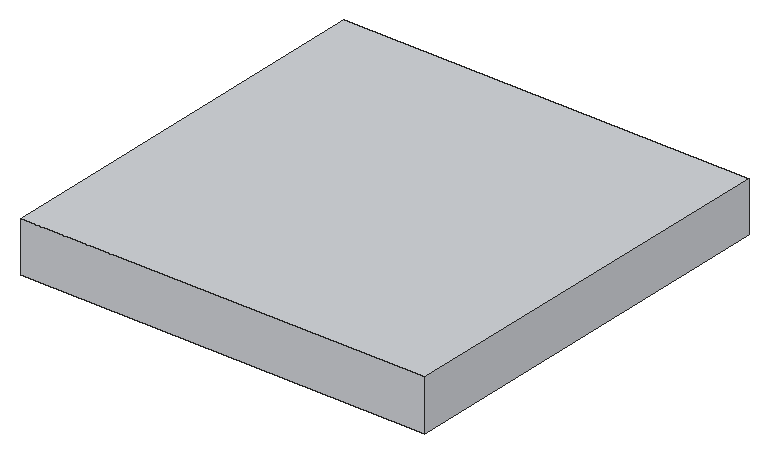
Revit family "00-7906-05-00", category Luminarias, Revit 2017
Family settings
  Anfitrión = Cara
  Cota de conector redondo = Diámetro de uso
  Tipo de pieza = Normal
  Número OmniClass = 23.80.70.00
  Título OmniClass = Lighting
  Corte con vacíos al cargar = No
  Origen de luz = No
  Compartido = Sí
  Punto de cálculo de habitación = No
Parameters (values of type "00-7906-05-00")
  Versión = "v1"
  Vatios (W) = 6.5
  Tipo de regulación = ""
  Tipo = "Bajo Voltage"
  Tender text (English) = "LEDS C4\nPunto Low Voltage\n00-7906-05-00\n\nfor indoor use. \n\nFor downlighting. Structure material: Aluminium. Structure finish: Black. Warranty: 5 Years.\n\nProduct net weight (Kg): 0.170\nProduct width or diameter (mm): 50\nProduct height (mm): 1000\n\nClass 3. IP: IP20. LED. No. of lampholders or LEDs: 1. LED brand: BRIDGELUX. Driver brand: TITANIC. Maximum power of light source: 5W. Colour temperature: LED warm-white 3000K. Colour rendering index: 90. MacAdam Steps: 3. Maximum diameter of luminaire bulb: 50.000h L80B20. UGR:  11.6. Photobiological risk: RG1. Real flux (lm): 329. Lm/Real W: 51. Voltage and frequency range: 24-48. Voltage: 8.5. Gear included: No. Total power: 6.5."
  Tender text (Castellano) = "LEDS C4\nPunto Low Voltage\n00-7906-05-00\n\nde uso interior para iluminar hacia abajo. \nMaterial estructura: Aluminio. Acabado estructura: Negro. Garantía: 5 Años.\n\nPeso neto del producto (Kg): 0.170\nAnchura o diámetro del producto (mm): 50\nAltura del producto (mm): 1000\n\nClase 3. IP: IP20. LED. Nº de portalámparas o Leds: 1. Marca del LED: BRIDGELUX. Marca del Driver: TITANIC. Potencia máxima de la fuente de luz: 5W. Temperatura de color: Blanco cálido - 3000K. Índice de reproducción cromática: 90. Steps Mac Adam: 3. Diámetro máximo de la bombilla que admite la luminaria: 50.000h L80B20. UGR:  11.6. Riesgo fotobiológico: RG1. Flujo real (lm): 329. Lm/W reales: 51. Rango de voltaje/frecuencia: 24-48. Voltaje: 8.5. Equipo incluido: No. Potencia total: 6.5."
  Temperatura color led (K) = "Blanco cálido - 3000K"
  Referencia = "00-7906-05-00"
  Rayo de luz = "EXTRA MEDIUM"
  Producto descatalogado = "Catalogado ES"
  Pluma comercial = ""
  Peso neto (KG) = 0.17
  Material = "Aluminio"
  Lumenes reales (lm) = 329
  LDT = "http://files.leds-c4.com/ldt/00-7906-05-00.html"
  Imagen web = "http://files.leds-c4.com/main-photo/00-7906-05-00"
  IfcExportType = "NOTDEFINED"
  IfcExportAs = "IfcLightFixture\r\nIfcLightFixture"
  IP = "IP20"
  IMC = "http://files.leds-c4.com/imc/00-7906-05-00.html"
  IK = ""
  Fuente de luz = ""
  Fotometría = "http://files.leds-c4.com/fm/00-7906-05-00.html"
  Ficha = "http://files.leds-c4.com/ft/es/00-7906-05-00.html"
  FechaVersion = "Julio 2020"
  Familia = "Punto Low Voltage"
  Fabricante = "LEDS C4"
  Etiqueta V/f = "48 VDC"
  Elevación por defecto = 1000 mm
  Eficiencia energética = "LED A++"
  EAN13 = "8435575347298"
  DescripcionUniformat2010 = "Lighting"
  DescripcionUniclass2015 = "Lighting"
  DescripcionOmniclass = "Lighting"
  DescripcionGubimclass = "Iluminación interior"
  CodigoUniformat2010 = "D5040"
  CodigoUniclass2015 = "EF_70_80"
  CodigoOmniclass = "21-04 50 40"
  CodigoGubimclass = "50.60.50.20"
  Catálogo = "Decorative"
  Carga aparente = 0 VA
  CRI = 90
  Acabado = "Negro"
Types (2, lengths in mm): name | Lumenes reales (lm) | CRI
  (no name) | 0 | 0
  00-7906-05-00 | 329 | 90
Values of the unnamed type that differ from the named types
  Vatios (W) = 0
  Tipo = ""
  Tender text (English) = ""
  Tender text (Castellano) = ""
  Temperatura color led (K) = ""
  Referencia = ""
  Rayo de luz = ""
  Producto descatalogado = ""
  Peso neto (KG) = 0
  Material = ""
  LDT = ""
  Imagen web = ""
  IP = ""
  IMC = ""
  Fotometría = ""
  Ficha = ""
  Familia = ""
  Etiqueta V/f = ""
  Eficiencia energética = ""
  EAN13 = ""
  Catálogo = ""
  Acabado = ""
Reference planes
  plane 1 "Centro (Frontal/Posterior)": y = 0
  plane 2: z = 0
  plane 3 "Centro (Izquierda/Derecha)": x = 0
  plane 4 "Elevación de origen de luz": z = 0
  plane 5 "Eje de origen de luz (F/P)": y = 0
  plane 6 "Eje de origen de luz (I/D)": x = 0
Forms (mm)
  Extrusion 1, solid
    sketch origin (0, 0, 0) x (1, 0, 0) y (0, 1, 0)
      loop
        line (-1219.2, 1219.2) -> (-1219.2, -1219.2) -> (1219.2, -1219.2) -> (1219.2, 1219.2) -> (-1219.2, 1219.2)
    from 0 to -304.8
Dimensions and locks
  aligned and locked: plane 2 to Extrusion 1
  aligned and locked: level to Extrusion 1
Nested families
  nested 1: "Luz anidada" at (-3.428, -0.223, 1070.193), type "Tipo1"
Connectors
  electrical at (0, 0, 0)
    settings: on Extrusion 1, index 1, voltage 0 V, apparent load 0 VA, apparent load phase1 0 VA, apparent load phase2 0 VA, apparent load phase3 0 VA, power factor 1, load classification "Otro", number of poles 1, system type 31, power factor state 1, is connector primary yes, connector utility no, sub classification motor no, connector description ""
Definition of nested family "Luz anidada"
  Parameters (values of type "Tipo1")
    Tilt Angle = 90.00°
    Wattage = 6.5 W
    Tipo de regulación = ""
    Tipo = ""
    Tender text = ""
    built-in parameter 1150110 = 1 (stored number, unit not read)
    Pluma comercial = ""
    Material = ""
    Imagen = ""
    IP = ""
    IMC = ""
    IK = ""
    Fotometría = ""
    Ficha = ""
    Familia = ""
    Estado en catálogo = ""
    Peso neto = ""
    Lamp = ""
    built-in parameter 1114217 = 1 (stored number, unit not read)
    built-in parameter 1150109 = 1 (stored number, unit not read)
    Etiqueta vf = ""
    Eficiencia energética = ""
    EAN13 = ""
    built-in parameter 1150134 = (empty or 0)
    built-in parameter 1150113 = 1 (stored number, unit not read)
    Lumens = 2391 lm
    built-in parameter 1150115 = 1 (stored number, unit not read)
    built-in parameter 1150105 = 109.82 (stored number, unit not read)
    built-in parameter 1150137 = (empty or 0)
    built-in parameter 1150139 = (empty or 0)
    built-in parameter 1150112 = 1 (stored number, unit not read)
    built-in parameter 1150114 = 1 (stored number, unit not read)
    built-in parameter 1150132 = (empty or 0)
    built-in parameter 1150102 = (empty or 0)
    built-in parameter 1150138 = (empty or 0)
    built-in parameter 1150107 = 3000 (stored number, unit not read)
    built-in parameter 1150106 = 1.0982 (stored number, unit not read)
    built-in parameter 1150104 = 4.7023 (stored number, unit not read)
    Catálogo = ""
    Dimming Lamp Color Temperature Shift = (empty or 0)
    Color Filter = 16777215
    built-in parameter 1114218 = 1 (stored number, unit not read)
    CRI = 0
    Photometric Web File = "00-7906-05-00.ies"
    Acabado = ""
    built-in parameter 1150133 = 10 (stored number, unit not read)
  Reference planes
    plane 1 "Eje de origen de luz (F/P)": y = 0
    plane 2: z = 0
    plane 3 "Eje de origen de luz (I/D)": x = 0
    plane 4 "Elevación de origen de luz": z = 0
  Dimensions and locks
    aligned and locked: plane 3 "Eje de origen de luz (I/D)" to imposter light
    aligned and locked: plane 1 "Eje de origen de luz (F/P)" to imposter light
    aligned and locked: plane 4 "Elevación de origen de luz" to imposter light
    aligned and locked: level to plane 2
